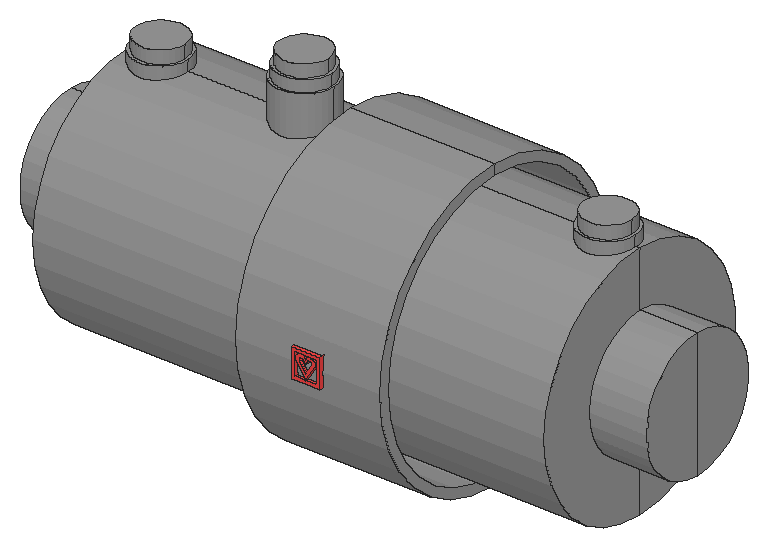
Revit family "Systemtrenner 0307 AG-AG", category Rohrzubehör, Revit 2021
Family settings
  Bemaßung runder Anschluss = Durchmesser verwenden
  Teiletyp = Unterbricht
  OmniClass-Nummer = 23.65.55.14
  OmniClass-Titel = Valves for Liquid Services
  Arbeitsebenenbasiert = Nein
  Immer vertikal = Ja
  Beim Laden mit Abzugskörper schneiden = Nein
  Gemeinsam genutzt = Nein
Parameters (values of type "AG-AG DN40-DN40")
  Vorgabe-Ansicht = 0.000 mm
  URL = "www.herz-armaturen.at"
  SCTWSEQ = "AW;SBT_TYP_AW=\"104\";2"
  SCTWCODE = "04;12;02"  # constant formula
  S03 = 15.000 mm  # constant formula
  S02 = 45.000 mm  # constant formula
  S01 = 98.000 mm  # constant formula
  Nennweite Ein [instance] = if(AG_AG_DN40_DN40, 40.000 mm, if(AG_AG_DN40_DN50, 40.000 mm, if(AG_AG_DN50_DN40, 50.000 mm, if(AG_AG_DN50_DN50, 50.000 mm, 0.000 mm))))  # 40.000 mm
  Nennweite Aus [instance] = if(AG_AG_DN40_DN40, 40.000 mm, if(AG_AG_DN40_DN50, 50.000 mm, if(AG_AG_DN50_DN40, 40.000 mm, if(AG_AG_DN50_DN50, 50.000 mm, 0.000 mm))))  # 40.000 mm
  Medium = "Wasser (ohne Dampf)"
  Max. Betriebstemperatur (Kurzzeitig) = 80 °C  # constant formula
  Max. Betriebstemperatur = 65 °C  # constant formula
  Max. Betriebsdruck = 1000000.0 Pa  # constant formula
  L05 = 73.000 mm  # constant formula
  L04 = 28.000 mm  # constant formula
  L03 = 87.500 mm  # constant formula
  L02 = 18.000 mm  # constant formula
  L01 = 196.000 mm  # constant formula
  Hinweis = "Gemäß Art 33 der REACH-Verordnung (EG Nr. 1907/2006) sind wir verpflichtet, darauf hinzuweisen, dass der Stoff Blei auf der SVHC-Liste geführt wird und dass alle aus Messing bestehenden Bauteile, die in unseren Erzeugnissen verarbeitet sind, mehr als 0,1 % (w/w) Blei (CAS: 7439-92-1 / EINECS: 231-100-4) enthalten.\r\nDa Blei als Legierungsbestandteil fest gebunden ist, sind keine Expositionen zu erwarten und daher sind keine zusätzlichen Angaben zur sicheren Verwendung notwendig."
  Hersteller = "HERZ Armaturen Ges.m.b.H."  # constant formula
  Gehäuse = "Edelstahl"  # constant formula
  Einbaulage = "waagrecht oder senkrecht nach unten zeigend"  # constant formula
  D02 = 45.000 mm  # constant formula
  D01 = 37.500 mm  # constant formula
  Bestellnummer [instance] = if(AG_AG_DN40_DN40, "I030703", if(AG_AG_DN40_DN50, "I030711", if(AG_AG_DN50_DN40, "I030715", if(AG_AG_DN50_DN50, "I030707", "0"))))  # "I030703"
  Ausführung = "Der Systemtrenner wurde nach der Norm DIN EN 1717 entwickelt.\r\nLaut dieser Norm ist die Wasserqualität je nach Grad der Verschmutzung in 5 Klassen eingeteilt. Der Systemtrenner Typ BA erlaubt eine Absicherung gegen Nichttrinkwasser bis zur Gefahrenklasse 4, der höchsten Gefahrenklasse, die mit einer Armatur abgesichert werden kann.\r\nEine niedrigere Absicherung eines Standrohres als mit einem Systemtrenner BA nach DIN EN 1717 entspricht nicht mehr dem Stand der Technik und führt damit bei einem Schadensfall zur Haftpflicht des Betreibers eines solchen Standrohres.\r\nDie Funktionseinheit ist als einteilige Kartusche mit groß bemessenem Steuerkolben und druckstoßgedämpftem Ablassventilsystem ausgebildet.\r\nGewindeanschlüsse sind untereinander austauschbar, wodurch 16 mögliche Anschlussvarianten (Eingangs- und Ausgangsseite erhältlich in 1 1/2” Innen- oder Außengewinde alternativ in 2” Innen- oder Außengewinde)."
  Anwendung = "Der Systemtrenner ist eine kostengünstige Lösung zum Nachrüsten von Standrohren mit der nach DIN EN 1717 zwingend vorgeschriebenen Sicherungsarmatur gegen Rücksaugen, Rückfließen oder Rückdrücken von Nichttrinkwasser in die Trinkwasserleitung.\r\nDer Systemtrenner ist für den waagerechten Einbau geeignet.\r\nEr kann auch senkrecht montiert werden aber nach unten zeigend.\r\nFür den Einbau in eine Steigleitung ist er nicht zulässig."
  AG_AG_DN50_DN50 = no
  AG_AG_DN50_DN40 = no
  AG_AG_DN40_DN50 = no
  AG_AG_DN40_DN40 = yes
  AG Aus [instance] = Nennweite Aus / 2  # 20.000 mm
  AG Ein [instance] = Nennweite Ein / 2  # 20.000 mm
Types (5, lengths in mm): name | Nennweite Ein | Nennweite Aus | Bestellnummer | AG_AG_DN50_DN50 | AG_AG_DN50_DN40 | AG_AG_DN40_DN50 | AG_AG_DN40_DN40 | AG Aus | AG Ein
  (no name) | 40.000 | 40.000 | "I030703" | no | no | no | yes | 20.000 | 20.000
  AG-AG DN40-DN50 | 40.000 | 50.000 | "I030711" | no | no | yes | no | 25.000 | 20.000
  AG-AG DN40-DN40 | 40.000 | 40.000 | "I030703" | no | no | no | yes | 20.000 | 20.000
  AG-AG DN50-DN50 | 50.000 | 50.000 | "I030707" | yes | no | no | no | 25.000 | 25.000
  AG-AG DN50-DN40 | 50.000 | 40.000 | "I030715" | no | yes | no | no | 20.000 | 25.000
Reference planes
  plane 1 "Mitte (Vorne/hinten)": y = 0
  plane 2: z = 0
  plane 3 "Mitte (Links/rechts)": x = 0
Forms (mm)
  Revolve 1, solid, material "Messing, weicher Gelbton, geschweißt", detail levels fine
    sketch origin (0, 0, 0) x (1, 0, 0) y (0, 0, 1)
      loop
        line (-98, 0) -> (98, 0) -> (98, 20) -> (80, 20) -> (80, 37.5) -> (-80, 37.5) -> (-80, 20) -> (-98, 20) -> (-98, 0)
      axis (-98, 0) -> (98, 0)
    angle from 0 to 360
  Revolve 2, solid, material "Acetalharz, Schwarz", detail levels fine
    sketch origin (0, 0, 0) x (1, 0, 0) y (0, 0, 1)
      loop
        line (-10.5, 0) -> (1.5, 0) -> (1.5, 42) -> (34.5, 42) -> (34.5, 45) -> (-10.5, 45) -> (-10.5, 0)
      axis (-10.5, 0) -> (34.5, 0)
    angle from 0 to 360
  Extrusion 3, solid, material "Messing, weicher Gelbton, geschweißt", detail levels fine
    sketch origin (0, 0, 0) x (1, 0, 0) y (0, 1, 0)
      loop
        circle (-70, 0) r 8.5
      loop
        circle (70, 0) r 8.5
    from 0 to 40.5
  Extrusion 4, solid, material "Acetalharz, Schwarz", detail levels fine
    sketch origin (0, 0, 0) x (1, 0, 0) y (0, 1, 0)
      loop
        circle (-70, 0) r 7.5
      loop
        circle (70, 0) r 7.5
    from 40.5 to 44.5
  Extrusion 5, solid, material "Messing, weicher Gelbton, geschweißt", detail levels fine
    sketch origin (0, 0, 0) x (1, 0, 0) y (0, 1, 0)
      loop
        circle (-25, 0) r 9.3
    from 0 to 49
  Extrusion 6, solid, material "Messing, weicher Gelbton, geschweißt", detail levels fine
    sketch origin (0, 0, 0) x (1, 0, 0) y (0, 1, 0)
      loop
        circle (-25, 0) r 8.5
    from 49 to 52.5
  Extrusion 7, solid, material "Acetalharz, Schwarz", visible <- "AG_AG_DN40_DN50", detail levels fine
    sketch origin (0, 0, 0) x (1, 0, 0) y (0, 1, 0)
      loop
        circle (-25, 0) r 7.5
    from 52.5 to 56.5
  Extrusion 8, solid, material "Acetalharz, Schwarz", visible <- "AG_AG_DN40_DN40", detail levels fine
    sketch origin (0, 0, 0) x (1, 0, 0) y (0, 1, 0)
      loop
        circle (-25, 0) r 7.5
    from 52.5 to 56.4
  Extrusion 9, solid, material "Acetalharz, Schwarz", visible <- "AG_AG_DN50_DN50", detail levels fine
    sketch origin (0, 0, 0) x (1, 0, 0) y (0, 1, 0)
      loop
        circle (-25, 0) r 7.5
    from 52.5 to 56.3
  Extrusion 10, solid, material "Acetalharz, Schwarz", visible <- "AG_AG_DN50_DN40", detail levels fine
    sketch origin (0, 0, 0) x (1, 0, 0) y (0, 1, 0)
      loop
        circle (-25, 0) r 7.5
    from 52.5 to 56.2
Lines and regions (mm)
  model lines, detail levels coarse+medium
    curve 1: line (-98, 0, 37.5) -> (98, 0, 37.5)
    curve 2: line (-98, 0, -37.5) -> (-98, 0, 37.5)
    curve 3: line (98, 0, -37.5) -> (-98, 0, -37.5)
    curve 4: line (98, 0, 37.5) -> (98, 0, -37.5)
    curve 5: line (-98, 0, -22.5) -> (-53, 0, -22.5)
    curve 6: line (0, 0, -22.5) -> (98, 0, -22.5)
    curve 7: line (-98, 0, 22.5) -> (-53, 0, 22.5)
    curve 8: line (0, 0, 22.5) -> (98, 0, 22.5)
    curve 9: line (-98, 37.5, 0) -> (98, 37.5, 0)
    curve 10: line (-98, -37.5, 0) -> (-98, 37.5, 0)
    curve 11: line (98, -37.5, 0) -> (-98, -37.5, 0)
    curve 12: line (98, 37.5, 0) -> (98, -37.5, 0)
    curve 13: line (-98, 22.5, 0) -> (-53, 22.5, 0)
    curve 14: line (0, 22.5, 0) -> (98, 22.5, 0)
    curve 15: line (-98, -22.5, 0) -> (-53, -22.5, 0)
    curve 16: line (0, -22.5, 0) -> (98, -22.5, 0)
Dimensions and locks
  "L02": Revolve 1 sketch curve to Revolve 1 sketch curve  (x2)
  "L01": Revolve 1 sketch curve to Revolve 1 sketch curve
  equal spacing: Revolve 1 sketch curve, plane 3 "Mitte (Links/rechts)", Revolve 1 sketch curve
  "AG Ein": Revolve 1 sketch curve to plane 2
  "AG Aus": Revolve 1 sketch curve to plane 2
  "D01": Revolve 1 sketch curve to plane 2
  "L03": Revolve 1 to Revolve 2 sketch curve
  equal spacing: curve 4, plane 3 "Mitte (Links/rechts)", curve 2
  "L01": curve 4 to curve 2
  "D01": curve 1 to plane 2 to curve 3
  "S03": curve 5 to curve 3
  "S03": curve 1 to curve 7
  "S03": curve 1 to curve 8
  "S03": curve 6 to curve 3
  "S02": curve 5 to curve 2
  "S02": curve 7 to curve 2
  "S01": curve 8 to curve 4
  "S01": curve 6 to curve 4
  equal spacing: curve 10, plane 3 "Mitte (Links/rechts)", curve 12
  "L01": curve 10 to curve 12
  "D01": curve 11 to plane 1 "Mitte (Vorne/hinten)" to curve 9
  "S03": curve 13 to curve 9
  "S03": curve 11 to curve 15
  "S03": curve 14 to curve 9
  "S03": curve 11 to curve 16
  "S01": curve 14 to curve 12
  "S01": curve 16 to curve 12
  "S02": curve 10 to curve 15
  "S02": curve 10 to curve 13
  "D02": Revolve 2 sketch curve to Revolve 2 sketch curve
  equal spacing: Revolve 2, nested 1, Revolve 2
  "D02": nested 1 to plane 1 "Mitte (Vorne/hinten)"
  "L04": Revolve 1 to Extrusion 3 sketch curve
  "L04": Extrusion 3 sketch curve to Revolve 1
  "L04": Extrusion 4 sketch curve to Revolve 1
  "L04": Revolve 1 to Extrusion 4 sketch curve
  "L05": Revolve 1 to Extrusion 5 sketch curve
  "L05": Revolve 1 to Extrusion 6 sketch curve
  "L05": Revolve 1 to Extrusion 10 sketch curve
  "L05": Revolve 1 to Extrusion 9 sketch curve
  "L05": Revolve 1 to Extrusion 8 sketch curve
  "L05": Revolve 1 to Extrusion 7 sketch curve
  aligned and locked: level to plane 2
Automatic sketch dimensions
  Revolve 1 sketch curve to level = 0.000 mm  (x2)
  Revolve 1 sketch curve to Revolve 1 sketch curve = 1408.530 mm
  Revolve 1 sketch curve to Revolve 1 sketch curve = 1741.148 mm
  Revolve 2 sketch curve to level = 0.000 mm  (x2)
  plane 3 "Mitte (Links/rechts)" to Revolve 2 sketch curve = 1.500 mm
  Revolve 2 sketch curve to Revolve 2 sketch curve = 33.000 mm
  Revolve 2 sketch curve to Revolve 2 sketch curve = 3.000 mm
  Revolve 2 sketch curve to Revolve 2 sketch curve = 1496.030 mm
  Revolve 2 sketch curve to Revolve 2 sketch curve = 1804.648 mm
  plane 1 "Mitte (Vorne/hinten)" to Extrusion 3 sketch curve = 0.000 mm  (x2)
  plane 1 "Mitte (Vorne/hinten)" to Extrusion 4 sketch curve = 0.000 mm  (x2)
  plane 1 "Mitte (Vorne/hinten)" to Extrusion 5 sketch curve = 0.000 mm
  plane 1 "Mitte (Vorne/hinten)" to Extrusion 6 sketch curve = 0.000 mm
  plane 1 "Mitte (Vorne/hinten)" to Extrusion 7 sketch curve = 0.000 mm
  plane 1 "Mitte (Vorne/hinten)" to Extrusion 8 sketch curve = 0.000 mm
  plane 1 "Mitte (Vorne/hinten)" to Extrusion 9 sketch curve = 0.000 mm
  plane 1 "Mitte (Vorne/hinten)" to Extrusion 10 sketch curve = 0.000 mm
  radius of Extrusion 3 sketch curve = 8.500 mm  (x2)
  radius of Extrusion 4 sketch curve = 7.500 mm  (x2)
  radius of Extrusion 5 sketch curve = 9.300 mm
  radius of Extrusion 6 sketch curve = 8.500 mm
  radius of Extrusion 7 sketch curve = 7.500 mm
  radius of Extrusion 8 sketch curve = 7.500 mm
  radius of Extrusion 9 sketch curve = 7.500 mm
  radius of Extrusion 10 sketch curve = 7.500 mm
Nested families
  nested 1: "Herz-Logo-vorne" at (12, -45, 0) x (0, 1, 0) z (0, 0, 1), type "Herz-Logo-vorne", detail levels fine
Connectors
  piping at (-98, 0, 0), diameter 40, driven by "Nennweite Ein"
    settings: on Revolve 1, index 2, connector inside diameter 609.6 mm, connector length 0.000 mm, flow factor 0, pipe flow 0.0 L/s, pressure drop 0.0 Pa, fitting loss kfactor 0, connector angle 0.00°, fixture units 0, engagement length 0.000 mm, angle of deflection 0.00°, flow configuration 0, flow direction 1, fitting loss method 0, system type 29, joint type 0, gender type 0, connector reference index -1, connector utility 0, adjustable connector no, is connector primary yes, connector description ""
  piping at (98, 0, 0), diameter 40, driven by "Nennweite Aus"
    settings: on Revolve 1, index 3, connector inside diameter 609.6 mm, connector length 0.000 mm, flow factor 0, pipe flow 0.0 L/s, pressure drop 0.0 Pa, fitting loss kfactor 0, connector angle 0.00°, fixture units 0, engagement length 0.000 mm, angle of deflection 0.00°, flow configuration 0, flow direction 2, fitting loss method 0, system type 29, joint type 0, gender type 0, connector reference index -1, connector utility 0, adjustable connector no, is connector primary no, connector description ""
Definition of nested family "Herz-Logo-vorne"
  Parameters (values of type "Herz-Logo-vorne")
    Default Elevation = 0.000 mm
  Reference planes
    plane 1 "Mitte (Vorne/hinten)": y = 0
    plane 2: z = 0
    plane 3 "Mitte (Links/rechts)": x = 0
  Forms (mm)
    Extrusion 1, solid
      sketch origin (0.732, -0.018, 0.017) x (0, -1, 0) y (0, 0, 1)
        loop
          line (-0.018, -4.517) -> (4.482, -4.517) -> (4.482, 4.483) -> (-4.518, 4.483) -> (-4.518, -4.517) -> (-0.018, -4.517)
        loop
          line (-0.05, -3.48) -> (3.482, -3.48) -> (3.482, 3.483) -> (-3.518, 3.483) -> (-3.518, -3.48) -> (-0.05, -3.48)
        loop
          arc (-0.018, 2.383) -> (-1.543, 3.287) -> (-3.067, 2.383) r 1.738
          arc (-3.067, 2.383) -> (-3.191, 1.899) -> (-3.067, 1.415) r 1.009
          line (-3.067, 1.415) -> (-0.018, -3.281) -> (3.032, 1.415)
          arc (3.032, 1.415) -> (3.156, 1.899) -> (3.032, 2.383) r 1.009
          arc (3.032, 2.383) -> (1.507, 3.287) -> (-0.018, 2.383) r 1.738
        loop
          arc (1.885, 1.272) -> (2.005, 1.675) -> (1.885, 2.079) r 0.74
          arc (1.885, 2.079) -> (1.265, 2.416) -> (0.644, 2.079) r 0.74
          line (0.644, 2.079) -> (-0.018, 0.97) -> (-0.679, 2.079)
          arc (-0.679, 2.079) -> (-1.3, 2.416) -> (-1.921, 2.079) r 0.74
          arc (-1.921, 2.079) -> (-2.04, 1.675) -> (-1.921, 1.272) r 0.74
          line (-1.921, 1.272) -> (-0.018, -1.658) -> (1.885, 1.272)
      from 0 to 1.5
  Dimensions and locks
    aligned and locked: level to plane 2
